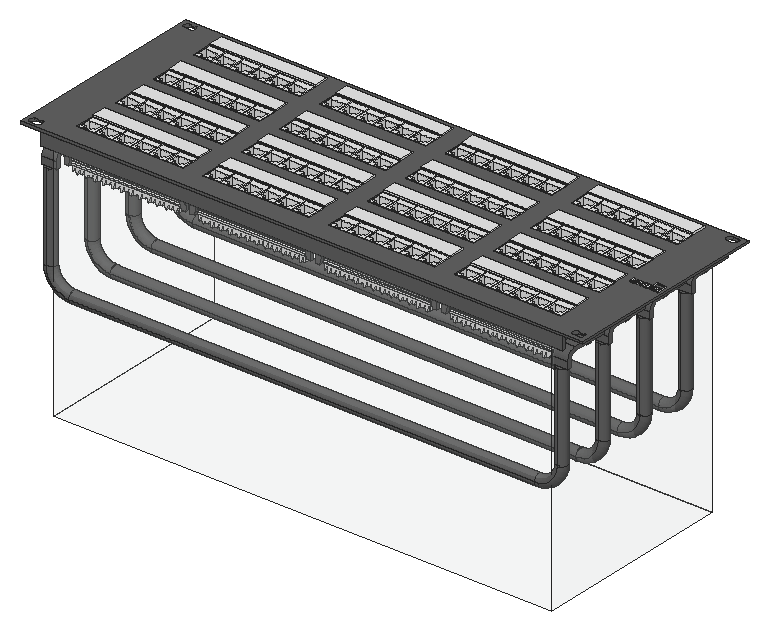
Revit family "Data_Device-Network-Leviton-Patch_Panel-Flat-110_Style", category Data Devices, host Face, Revit 2018
Family settings
  Host = Face
  Maintain Annotation Orientation = Yes
  Round Connector Dimension = Use Diameter
  Part Type = Normal
  OmniClass Number = 23.85.50.17
  OmniClass Title = Communication and Data Processing Equipment
  Cut with Voids When Loaded = No
  Shared = Yes
  Room Calculation Point = No
Parameters (values of type "*ERROR* See Type Catalog")
  z Offset 4 = if(z Leviton Type = 211, 1.60000", 0.00000")  # 0.00000"
  z Offset 2 = 0.42500"  # constant formula
  z Offset 1 = z Depth  # 0.07500"
  z Leviton Type = 244
  z Length = if(z Leviton Type = 211, 2.50000", 0.25000")  # 0.25000"
  z Height = if(z Has 96 Ports, 6.97500", if(z Has 48 Ports, 3.47000", if(or(z Has 12 Ports, z Has 24 Ports), 1.72000", 1.72000")))  # 6.97500"
  z Has ID Windows 48 Ports = or(z Leviton Type = 223, z Leviton Type = 225, z Leviton Type = 244)  # yes
  z Has ID Windows 24 Ports = or(z Leviton Type = 212, z Leviton Type = 223, z Leviton Type = 225, z Leviton Type = 244)  # yes
  z Has ID Windows 12 Ports = or(z Leviton Type = 211, z Leviton Type = 212, z Leviton Type = 223, z Leviton Type = 225, z Leviton Type = 244)  # yes
  z Has Magnifying Label 48 Ports = or(z Leviton Type = 123, z Leviton Type = 323)  # no
  z Has Magnifying Label 24 Ports = or(z Leviton Type = 112, z Leviton Type = 123, z Leviton Type = 312, z Leviton Type = 323)  # no
  z Connector Type = Data_Device-Network-Leviton-Connector-Copper-110_Style : CAT 6
  z Mangment Bar Height = if(z Leviton Type = 212, 2.65000", 4.25000")  # 4.25000"
  z Management Bar 3_4 [instance] = and(Management Bar, z Leviton Type = 244)  # yes
  z Management Bar 2 [instance] = and(Management Bar, not(or(z Leviton Type = 112, z Leviton Type = 211, z Leviton Type = 212, z Leviton Type = 312)))  # yes
  z Has 96 Ports = z Leviton Type = 244  # yes
  z Has 48 Ports = or(z Leviton Type = 123, z Leviton Type = 223, z Leviton Type = 225, z Leviton Type = 323, z Leviton Type = 244)  # yes
  z Has 24 Ports = or(z Leviton Type = 112, z Leviton Type = 212, z Leviton Type = 312, z Leviton Type = 123, z Leviton Type = 223, z Leviton Type = 225, z Leviton Type = 323, z Leviton Type = 244)  # yes
  z Has 12 Ports = or(z Leviton Type = 211, z Leviton Type = 311, z Leviton Type = 112, z Leviton Type = 212, z Leviton Type = 312, z Leviton Type = 123, z Leviton Type = 223, z Leviton Type = 225, z Leviton Type = 323, z Leviton Type = 244)  # yes
  z Depth = 0.07500"  # constant formula
  z 12 Port Numbers = z Length = 2.50000"  # no
  z Offset 3 = if(or(z Leviton Type = 112, z Leviton Type = 123), 1.25000", 0.50000")  # 0.50000"
  z 1 Y Offset 2 = if(z Leviton Type = 225, 0.50000", 1.50000")  # 1.50000"
  z 1 Y Offset 1 = if(z Leviton Type = 225, 1.35000", 0.16000")  # 0.16000"
  Z Lateral Support = or(z Leviton Type = 112, z Leviton Type = 123)  # no
  Width [instance] = 19.00000"  # constant formula
  Weight [instance] = 0.00 lbf
  URL = "http://www.leviton.com/networksolutions"
  UPC Code [instance] = ""
  Type Comments = ""  # constant formula
  Technical Support Phone Number = "1-800-824-3005"  # constant formula
  Shielded [instance] = z Leviton Type = 0  # no
  Serial Number [instance] = ""
  Rack Spaces RU = 4
  Product Documentation Link = "https://www.leviton.com/en/docs/Leviton_69586-xxx_Cat_6_Flat_110-Style_Patch_Panels.pdf"
  Port Count [instance] = 0
  Part Number [instance] = if(z Leviton Type = 112, "6A586-U24", if(z Leviton Type = 123, "6A586-U48", if(z Leviton Type = 211, "69586-U12", if(z Leviton Type = 212, "69586-U24", if(z Leviton Type = 223, "69586-U48", if(z Leviton Type = 225, "69586-C48", if(z Leviton Type = 244, "69586-U96", if(z Leviton Type = 312, "69586-L24", if(z Leviton Type = 323, "69586-L48", "Error")))))))))  # "69586-U96"
  Part Description = Description  # "Cat 6 UTP 110-Style Patch Panel, 96-Port, 4RU, black"
  Original Creation Date = "September 30, 2013"  # constant formula
  Model Disclaimer = "http://www.leviton.com/BIMterms"
  Model = " "
  Manufacturer = "Leviton"  # constant formula
  Management Bar [instance] = yes
  Has ID Windows = yes
  Family Version = "1.0.4"  # constant formula
  Equipment Type = ""
  Equipment Abbreviation = "110PP"  # constant formula
  Die Cast = z Leviton Type = 0  # no
  Description = "Cat 6 UTP 110-Style Patch Panel, 96-Port, 4RU, black"
  Default Elevation = 24.00000"
  Date Last Modified = "September 27, 2023"  # constant formula
  Copyright = "Copyright © 2013-2014 Leviton Manufacturing Co., Inc."  # constant formula
  Channel Count [instance] = 0
  Cable Clearance Rear is Visible [instance] = yes
  Cable Clearance [instance] = 8.50000"
  Assembly Code = "D5030600"
  Annotation Symbol is Visible = yes
  Annotation Symbol [instance] = Symbol : Data
Reference planes (in)
  plane 1 "Attach to Upper": y = 1.567
  plane 2 "Mounting Surface": z = 0
  plane 3 "Center (Left/Right)": x = -0.9065
  plane 4 "Front": z = 0.075
  plane 5 "Left": x = -10.4065
  plane 6 "Right": x = 8.5935
  plane 7 "Top": y = 1.305
  plane 8 "Recess": z = -0.0902
  plane 9 "Void Collector": z = -2
  plane 10 "Bottom": y = -5.67
  plane 11: y = -5.557
  plane 12: y = 0.942
  plane 13: y = 1.145
  plane 14: y = 1.812
  plane 15: y = -0.862
  plane 16: y = -0.195
  plane 17: x = -9.6565
  plane 18: x = 7.8435
  plane 19: x = -9.7183
  plane 20: x = 7.9053
  plane 21: x = -10.0615
  plane 22: x = 8.2485
  plane 23: z = -8.5
  plane 24: z = -0.425
  plane 25: y = -5.42592
  plane 26: y = 1.192
  plane 27: y = -5.29484
  plane 28: y = 1.067
  plane 29 "Connector Host": z = 0.075
  plane 30: y = 0.305
  plane 31: x = -1.0315
  plane 32: x = -0.7815
  plane 33: x = -9.5315
  plane 34: x = 7.7185
  plane 35 "Center (Front/Back)": y = -2.1825
  plane 36: y = -1.395
  plane 37: y = -2.99021
  plane 38: y = -4.62021
  plane 39: z = 0.325
  plane 40: y = -2.64021
  plane 41: y = -2.15021
  plane 42: y = -4.27021
  plane 43: y = -3.78021
  plane 44: y = 0.655
  plane 45: y = 1.145
  plane 46: y = 0.655
  plane 47: y = 1.145
  plane 48: y = -1.045
  plane 49: y = -0.555
  plane 50: x = -8.7815
  plane 51: x = -8.1815
  plane 52: x = -7.5815
  plane 53: x = -6.9815
  plane 54: x = -6.3815
  plane 55: x = -5.7815
  plane 56: x = -4.5315
  plane 57: x = -3.9315
  plane 58: x = -3.3315
  plane 59: x = -2.7315
  plane 60: x = -2.1315
  plane 61: x = -1.5315
  plane 62: x = 6.9685
  plane 63: x = 6.3685
  plane 64: x = 5.7685
  plane 65: x = 5.1685
  plane 66: x = 4.5685
  plane 67: x = 3.9685
  plane 68: x = 2.7185
  plane 69: x = 2.1185
  plane 70: x = 1.5185
  plane 71: x = 0.9185
  plane 72: x = 0.3185
  plane 73: x = -0.2815
  plane 74: x = -9.2815
  plane 75: x = 7.4685
  plane 76: x = -5.2815
  plane 77: x = -5.0315
  plane 78: x = 3.2185
  plane 79: x = 3.4685
  plane 80: z = -0.5
  plane 81 "Cable Management Bar 1": y = -5.47
  plane 82 "Cable Management Bar 2": y = -3.73
  plane 83 "Cable Management Bar 3": y = -1.99
  plane 84 "Cable Management Bar 4": y = -0.25
  plane 85: y = 0.305
  plane 86 "Rear Connection": z = -0.5651
  plane 87: y = 1.23
  plane 88: y = -5.595
  plane 89: x = -0.9315
  plane 90: x = -0.8815
  plane 91: x = 3.3185
  plane 92: x = 3.3685
  plane 93: x = 7.4185
  plane 94: x = -5.1315
  plane 95: x = -5.1815
  plane 96: x = -9.2315
  plane 97: y = -1.32521
  plane 98: y = -2.94521
  plane 99: y = -4.57521
Forms (in)
  Extrusion 1, solid, not visible, detail levels fine
    sketch origin (0, 0, 0) x (1, 0, 0) y (0, 1, 0)
      loop
        line (-11.1565, 1.5725) -> (-11.1565, -2.77319) -> (9.37374, -2.77319) -> (9.37374, 1.5725) -> (-11.1565, 1.5725)
    from 0 to -2
  Extrusion 2, void, detail levels medium+fine
    sketch origin (-18.83166, -182.13202, 0) x (0, -1, 0) y (-1, 0, 0)
      loop
        arc (-176.83718, -8.84416) -> (-176.7061, -8.97524) -> (-176.57502, -8.84416) r 0.13108
        line (-176.57502, -8.84416) -> (-176.57502, -8.69416)
        arc (-176.57502, -8.69416) -> (-176.7061, -8.56308) -> (-176.83718, -8.69416) r 0.13108
        line (-176.83718, -8.69416) -> (-176.83718, -8.84416)
      loop
        line (-176.82502, -27.00616) -> (-176.82502, -27.15616)
        arc (-176.82502, -27.15616) -> (-176.70002, -27.28116) -> (-176.57502, -27.15616) r 0.125
        line (-176.57502, -27.15616) -> (-176.57502, -27.00616)
        arc (-176.57502, -27.00616) -> (-176.70002, -26.88116) -> (-176.82502, -27.00616) r 0.125
    from 0.0902 to -0.6
  Extrusion 3, void, detail levels medium+fine
    sketch origin (-18.83166, -181.20301, 0) x (0, -1, 0) y (-1, 0, 0)
      loop
        arc (-182.39501, -8.84416) -> (-182.27001, -8.96916) -> (-182.14501, -8.84416) r 0.125
        line (-182.14501, -8.84416) -> (-182.14501, -8.69416)
        arc (-182.14501, -8.69416) -> (-182.27001, -8.56916) -> (-182.39501, -8.69416) r 0.125
        line (-182.39501, -8.69416) -> (-182.39501, -8.84416)
      loop
        line (-182.39501, -27.00616) -> (-182.39501, -27.15616)
        arc (-182.39501, -27.15616) -> (-182.27001, -27.28116) -> (-182.14501, -27.15616) r 0.125
        line (-182.14501, -27.15616) -> (-182.14501, -27.00616)
        arc (-182.14501, -27.00616) -> (-182.27001, -26.88116) -> (-182.39501, -27.00616) r 0.125
    from 0.0902 to -0.6
  Extrusion 4, solid, material "Steel - Leviton - Powdercoat - Black"
    sketch origin (0, 0, 0) x (1, 0, 0) y (0, 1, 0)
      loop
        line (-9.7183, 1.305) -> (-9.7183, 1.23) -> (7.9053, 1.23) -> (7.9053, 1.305) -> (-9.7183, 1.305)
    from 0 to -0.425
  Extrusion 5, solid, material "Steel - Leviton - Powdercoat - Black"
    sketch origin (0, -5.67, 0) x (-1, 0, 0) y (0, 0, 1)
      loop
        line (10.4065, 0.075) -> (-8.5935, 0.075) -> (-8.5935, 0) -> (10.4065, 0) -> (10.4065, 0.075)
    from 6.975 to 0
  Extrusion 6, solid, material "Clearance Areas", visible <- "Cable Clearance Rear is Visible"
    sketch origin (0, 0, 0) x (1, 0, 0) y (0, 1, 0)
      loop
        line (-9.31075, 1.172) -> (-9.31075, -5.612) -> (7.49825, -5.612) -> (7.49825, 1.172) -> (-9.31075, 1.172)
    from -0.425 to -8.5
  Extrusion 7, solid, material "Plastic - Leviton - Clear", visible <- "z Has Magnifying Label 24 Ports"
    sketch origin (-10.4065, 0.0625, 0) x (0, -1, 0) y (0, 0, 1)
      loop
        line (-1.15686, 0.19657) -> (-1.1675, 0.075) -> (-0.70755, 0.075) -> (-0.7182, 0.1967)
        arc (-0.7182, 0.1967) -> (-0.93756, 0.28732) -> (-1.15686, 0.19657) r 0.31057
    from -1.125 to -17.875
  Sweep 8, void
    path origin (0, -5.67, 0) x (-1, 0, 0) y (0, 0, 1)
      loop
        line (0.9065, 0.325) -> (0.9065, 0.075)
    profile origin (-0.9065, -5.67, 0.2) x (0, 1, 0) y (-1, 0, 0)
      loop
        line (6.975, 0.125) -> (0, 0.125) -> (0, -0.125) -> (6.975, -0.125) -> (6.975, 0.125)
      loop
        line (0, 4.375) -> (0, 4.125) -> (6.975, 4.125) -> (6.975, 4.375) -> (0, 4.375)
      loop
        line (0, -4.125) -> (0, -4.375) -> (6.975, -4.375) -> (6.975, -4.125) -> (0, -4.125)
  Extrusion 9, solid, material "Plastic - Leviton - White", visible <- "z Has 96 Ports"
    sketch origin (-11.95039, -180, 0.075) x (-1, 0, 0) y (0, -1, 0)
      loop
        line (-19.20639, -177.84979) -> (-15.63139, -177.84979) -> (-15.63139, -177.35979) -> (-19.20639, -177.35979) -> (-19.20639, -177.84979)
      loop
        line (-2.88139, -177.35979) -> (-6.45639, -177.35979) -> (-6.45639, -177.84979) -> (-2.88139, -177.84979) -> (-2.88139, -177.35979)
      loop
        line (-2.88139, -176.21979) -> (-2.88139, -175.72979) -> (-6.45639, -175.72979) -> (-6.45639, -176.21979) -> (-2.88139, -176.21979)
      loop
        line (-19.20639, -176.21979) -> (-15.63139, -176.21979) -> (-15.63139, -175.72979) -> (-19.20639, -175.72979) -> (-19.20639, -176.21979)
      loop
        line (-7.13139, -176.21979) -> (-7.13139, -175.72979) -> (-10.70639, -175.72979) -> (-10.70639, -176.21979) -> (-7.13139, -176.21979)
      loop
        line (-7.13139, -177.84979) -> (-7.13139, -177.35979) -> (-10.70639, -177.35979) -> (-10.70639, -177.84979) -> (-7.13139, -177.84979)
      loop
        line (-11.38139, -177.84979) -> (-11.38139, -177.35979) -> (-14.95639, -177.35979) -> (-14.95639, -177.84979) -> (-11.38139, -177.84979)
      loop
        line (-14.95639, -176.21979) -> (-11.38139, -176.21979) -> (-11.38139, -175.72979) -> (-14.95639, -175.72979) -> (-14.95639, -176.21979)
    from 0 to 0.035
  Extrusion 10, solid, material "Plastic - Leviton - White", visible <- "z Has ID Windows 12 Ports"
    sketch origin (0, 0, 0.075) x (-1, 0, 0) y (0, -1, 0)
      loop
        line (4.819, -1.145) -> (4.819, -0.655) -> (1.244, -0.655) -> (1.244, -1.145) -> (4.819, -1.145)
      loop
        line (0.569, -1.145) -> (0.569, -0.655) -> (-3.005, -0.655) -> (-3.005, -1.145) -> (0.569, -1.145)
    from 0 to 0.035
  Extrusion 11, solid, material "Plastic - Leviton - White", visible <- "z Has ID Windows 24 Ports"
    sketch origin (-11.95039, -173.5, 0.075) x (-1, 0, 0) y (0, -1, 0)
      loop
        line (-19.20639, -174.645) -> (-15.63139, -174.645) -> (-15.63139, -174.155) -> (-19.20639, -174.155) -> (-19.20639, -174.645)
      loop
        line (-2.88139, -174.155) -> (-6.45639, -174.155) -> (-6.45639, -174.645) -> (-2.88139, -174.645) -> (-2.88139, -174.155)
    from 0 to 0.035
  Extrusion 12, solid, material "Plastic - Leviton - White", visible <- "z Has ID Windows 48 Ports"
    sketch origin (-11.95039, -178.3, 0.075) x (-1, 0, 0) y (0, -1, 0)
      loop
        line (-19.20639, -177.745) -> (-15.63139, -177.745) -> (-15.63139, -177.255) -> (-19.20639, -177.255) -> (-19.20639, -177.745)
      loop
        line (-2.88139, -177.255) -> (-6.45639, -177.255) -> (-6.45639, -177.745) -> (-2.88139, -177.745) -> (-2.88139, -177.255)
      loop
        line (-7.13139, -177.745) -> (-7.13139, -177.255) -> (-10.70639, -177.255) -> (-10.70639, -177.745) -> (-7.13139, -177.745)
      loop
        line (-11.38139, -177.745) -> (-11.38139, -177.255) -> (-14.95639, -177.255) -> (-14.95639, -177.745) -> (-11.38139, -177.745)
    from 0 to 0.035
  Extrusion 13, solid, material "Plastic - Leviton - Clear", visible <- "z Has Magnifying Label 48 Ports"
    sketch origin (-10.4065, -1.6375, 0) x (0, -1, 0) y (0, 0, 1)
      loop
        line (-1.15686, 0.19657) -> (-1.1675, 0.075) -> (-0.70755, 0.075) -> (-0.7182, 0.1967)
        arc (-0.7182, 0.1967) -> (-0.93756, 0.28732) -> (-1.15686, 0.19657) r 0.31057
    from -1.125 to -17.875
  Extrusion 14, solid, material "Steel - Leviton - Powdercoat - Black", visible <- "Z Lateral Support"
    sketch origin (0, -0.25, 0) x (0, 0, 1) y (-1, 0, 0)
      loop
        line (-0.5, -7.6835) -> (-0.5, -7.7535) -> (-0.32, -7.7535) -> (-0.32, -7.9753) -> (0, -7.9753) -> (0, -7.9053) -> (-0.25, -7.9053) -> (-0.25, -7.6835) -> (-0.5, -7.6835)
      loop
        line (-0.5, 9.4965) -> (-0.25, 9.4965) -> (-0.25, 9.7183) -> (0, 9.7183) -> (0, 9.7883) -> (-0.32, 9.7883) -> (-0.32, 9.5665) -> (-0.5, 9.5665) -> (-0.5, 9.4965)
    from 5.42 to -1.555
  Extrusion 15, void
    sketch origin (0, 0, 0) x (1, 0, 0) y (0, 1, 0)
      loop
        line (-4.819, -0.0175) -> (-1.244, -0.0175) -> (-1.244, 0.6275) -> (-4.819, 0.6275) -> (-4.819, -0.0175)
      loop
        line (-0.569, -0.0175) -> (3.006, -0.0175) -> (3.006, 0.6275) -> (-0.569, 0.6275) -> (-0.569, -0.0175)
      loop
        line (-0.569, -1.7175) -> (3.006, -1.7175) -> (3.006, -1.0725) -> (-0.569, -1.0725) -> (-0.569, -1.7175)
      loop
        line (3.681, -1.7175) -> (7.256, -1.7175) -> (7.256, -1.0725) -> (3.681, -1.0725) -> (3.681, -1.7175)
      loop
        line (7.256, -3.31271) -> (7.256, -2.66771) -> (3.681, -2.66771) -> (3.681, -3.31271) -> (7.256, -3.31271)
      loop
        line (3.681, -4.94271) -> (7.256, -4.94271) -> (7.256, -4.29771) -> (3.681, -4.29771) -> (3.681, -4.94271)
      loop
        line (3.006, -4.94271) -> (3.006, -4.29771) -> (-0.569, -4.29771) -> (-0.569, -4.94271) -> (3.006, -4.94271)
      loop
        line (3.006, -3.31271) -> (3.006, -2.66771) -> (-0.569, -2.66771) -> (-0.569, -3.31271) -> (3.006, -3.31271)
      loop
        line (-1.244, -3.31271) -> (-1.244, -2.66771) -> (-4.819, -2.66771) -> (-4.819, -3.31271) -> (-1.244, -3.31271)
      loop
        line (-1.244, -4.94271) -> (-1.244, -4.29771) -> (-4.819, -4.29771) -> (-4.819, -4.94271) -> (-1.244, -4.94271)
      loop
        line (-1.244, -1.7175) -> (-1.244, -1.0725) -> (-1.819, -1.0725) -> (-2.419, -1.0725) -> (-3.019, -1.0725) -> (-3.619, -1.0725) -> (-4.219, -1.0725) -> (-4.819, -1.0725) -> (-4.819, -1.7175) -> (-1.244, -1.7175)
      loop
        line (-5.494, -1.7175) -> (-5.494, -1.0725) -> (-9.069, -1.0725) -> (-9.069, -1.7175) -> (-5.494, -1.7175)
      loop
        line (-9.069, -3.31271) -> (-5.494, -3.31271) -> (-5.494, -2.66771) -> (-9.069, -2.66771) -> (-9.069, -3.31271)
      loop
        line (-5.494, -4.94271) -> (-5.494, -4.29771) -> (-9.069, -4.29771) -> (-9.069, -4.94271) -> (-5.494, -4.94271)
      loop
        line (-9.069, -0.0175) -> (-5.494, -0.0175) -> (-5.494, 0.6275) -> (-9.069, 0.6275) -> (-9.069, -0.0175)
      loop
        line (3.681, -0.0175) -> (7.256, -0.0175) -> (7.256, 0.6275) -> (3.681, 0.6275) -> (3.681, -0.0175)
    from 0.075 to -2
  Extrusion 16, solid, material "Steel - Leviton - Powdercoat - Black"
    sketch origin (0, -6.9, 0) x (1, 0, 0) y (0, 1, 0)
      loop
        line (-9.7183, 1.305) -> (-9.7183, 1.23) -> (7.9053, 1.23) -> (7.9053, 1.305) -> (-9.7183, 1.305)
    from 0 to -0.425
Cuts and joins
  Extrusion 15 cuts Extrusion 4
  Extrusion 2, Extrusion 3, Extrusion 15 cuts Extrusion 5
  joined: Extrusion 4, Extrusion 5
  Sweep 8 cuts Extrusion 7
  Sweep 8 cuts Extrusion 13
Lines and regions (in)
  Masking region 1, detail levels coarse+medium
    outline origin (-10.4065, 0, 0) x (0, -1, 0) y (0, 0, 1)
      loop
        line (5.67, -0.425) -> (5.67, 0.075) -> (-1.305, 0.075) -> (-1.305, -0.425) -> (5.67, -0.425)
  Masking region 2
    outline origin (0, 2.5875, 0) x (-1, 0, 0) y (0, 0, 1)
      loop
        line (10.4065, 0) -> (10.4065, 0.075) -> (-8.5935, 0.075) -> (-8.5935, 0) -> (10.4065, 0)
  Masking region 3
    outline origin (0, 1.567, 0) x (1, 0, 0) y (0, 0, 1)
      loop
        line (8.5935, 0.075) -> (-10.4065, 0.075) -> (-10.4065, 0) -> (-9.7183, 0) -> (-9.7183, -0.425) -> (7.9053, -0.425) -> (7.9053, 0) -> (8.5935, 0) -> (8.5935, 0.075)
  symbolic lines
    curve 1: line (8.5935, -5.67, 0.075) -> (8.5935, 1.305, 0.075)
    curve 2: line (8.5935, -5.67, 0) -> (8.5935, -5.67, 0.075)
    curve 3: line (8.5935, 1.305, 0) -> (8.5935, -5.67, 0)
    curve 4: line (8.5935, 1.305, 0.075) -> (8.5935, 1.305, 0)
    curve 5: line (-10.4065, 1.305, 0) -> (-10.4065, -5.67, 0)
    curve 6: line (-10.4065, 1.305, -0.425) -> (-10.4065, 1.305, 0)
    curve 7: line (-10.4065, -5.67, -0.425) -> (-10.4065, 1.305, -0.425)
    curve 8: line (-10.4065, -5.67, 0) -> (-10.4065, -5.67, -0.425)
    curve 9: line (-10.4065, 2.5875, 0.075) -> (8.5935, 2.5875, 0.075)
    curve 10: line (-10.4065, 2.5875, 0) -> (-10.4065, 2.5875, 0.075)
    curve 11: line (8.5935, 2.5875, 0) -> (-10.4065, 2.5875, 0)
    curve 12: line (8.5935, 2.5875, 0.075) -> (8.5935, 2.5875, 0)
    curve 13: line (8.5935, 1.305, 0.075) -> (-10.4065, 1.305, 0.075)
    curve 14: line (8.5935, 1.305, 0) -> (8.5935, 1.305, 0.075)
    curve 15: line (-10.4065, 1.305, 0) -> (8.5935, 1.305, 0)
    curve 16: line (-10.4065, 1.305, 0.075) -> (-10.4065, 1.305, 0)
    curve 18: line (-9.7183, 1.305, -0.425) -> (7.9053, 1.305, -0.425)
    curve 19: line (-9.7183, 1.305, 0) -> (-9.7183, 1.305, -0.425)
    curve 20: line (7.9053, 1.305, -0.425) -> (7.9053, 1.305, 0)
    curve 21: line (-9.7183, -5.67, 0) -> (-9.7183, -5.67, -0.425)
    curve 22: line (-9.7183, -5.67, -0.425) -> (7.9053, -5.67, -0.425)
    curve 23: line (7.9053, -5.67, -0.425) -> (7.9053, -5.67, 0)
  reference lines
    curve 17: line (-0.9065, 1.305, 0) -> (-0.9065, -5.67, 0)
Dimensions and locks (in)
  "z Depth": plane 4 "Front" to plane 2 "Mounting Surface"
  equal spacing: plane 5 "Left", plane 3 "Center (Left/Right)", plane 6 "Right"
  locked: level to plane 9 "Void Collector" at 2
  "z Height": plane 10 "Bottom" to plane 7 "Top"
  "Width": plane 5 "Left" to plane 6 "Right"
  Extrusion 2 sketch curve to Extrusion 2 sketch curve = 0.26216"
  Extrusion 2 sketch curve to Extrusion 2 sketch curve = 0.25000"
  Extrusion 3 sketch curve to Extrusion 3 sketch curve = 0.25000"  (x2)
  locked: plane 12 to plane 7 "Top" at 0.363
  locked: plane 11 to plane 10 "Bottom" at 0.113
  "z 1 Y Offset 1": plane 13 to plane 7 "Top"
  plane 14 to plane 13 = 0.66700"
  plane 16 to plane 15 = 0.66700"
  "z 1 Y Offset 2": plane 16 to plane 7 "Top"
  equal spacing: plane 18, plane 3 "Center (Left/Right)", plane 17
  locked: plane 18 to plane 17 at 17.5
  plane 2 "Mounting Surface" to plane 9 "Void Collector" = 2.00000"
  equal spacing: plane 20, plane 3 "Center (Left/Right)", plane 19
  locked: plane 20 to plane 19 at 17.6236
  plane 7 "Top" to Extrusion 6 = 0.13300"
  Extrusion 6 to plane 10 "Bottom" = 0.05800"
  equal spacing: plane 21, plane 3 "Center (Left/Right)", plane 22
  locked: plane 21 to plane 22 at 18.31
  "Cable Clearance": plane 2 "Mounting Surface" to plane 23
  locked: plane 26 to plane 12 at 0.25
  locked: plane 27 to plane 11 at 0.26216
  equal spacing: plane 27, plane 25, plane 11
  equal spacing: plane 26, plane 28, plane 12
  "z Offset 1": plane 29 "Connector Host" to plane 2 "Mounting Surface"
  "z Offset 2": plane 2 "Mounting Surface" to plane 24
  equal spacing: plane 31, plane 3 "Center (Left/Right)", plane 32
  "z Length": plane 31 to plane 32
  locked: plane 1 "Attach to Upper" to plane 28 at 0.5
  equal spacing: plane 34, plane 3 "Center (Left/Right)", plane 33
  locked: plane 34 to plane 33 at 17.25
  plane 30 to Extrusion 7 sketch curve to Extrusion 7 sketch curve to Extrusion 7 sketch curve = 0.46506" locked, 0.22991" locked, 0.23003" locked
  equal spacing: plane 7 "Top", plane 35 "Center (Front/Back)", plane 10 "Bottom"
  plane 7 "Top" to plane 30 to plane 36 to plane 37 to plane 38 = 1.00000" locked, 1.70000" locked, 1.59520" locked, 1.63000" locked
  locked: plane 39 to plane 29 "Connector Host" at 0.25
  locked: plane 41 to plane 40 at 0.49
  locked: plane 43 to plane 42 at 0.49
  locked: plane 45 to plane 44 at 0.49
  "z 1 Y Offset 1": plane 45 to plane 7 "Top"
  locked: plane 47 to plane 46 at 0.49
  "z 1 Y Offset 1": plane 47 to plane 7 "Top"
  locked: plane 49 to plane 48 at 0.49
  "z 1 Y Offset 2": plane 7 "Top" to nested 100
  locked: plane 36 to nested 98 at 0.5
  locked: plane 37 to nested 101 at 0.5
  locked: plane 38 to nested 102 at 0.5
  locked: plane 37 to plane 41 at 0.84
  locked: plane 43 to plane 38 at 0.84
  locked: plane 36 to plane 49 at 0.84
  equal spacing: plane 56, plane 57, plane 58, plane 59, plane 60, plane 61
  locked: plane 56 to plane 61 at 3
  locked: plane 55 to plane 56 at 1.25
  equal spacing: plane 50, plane 51, plane 52, plane 53, plane 54, plane 55
  locked: plane 50 to plane 55 at 3
  plane 61 to plane 31 = 0.50000"
  equal spacing: plane 68, plane 69, plane 70, plane 71, plane 72, plane 73
  locked: plane 68 to plane 73 at 3
  plane 67 to plane 68 = 1.25000"
  equal spacing: plane 62, plane 63, plane 64, plane 65, plane 66, plane 67
  locked: plane 62 to plane 67 at 3
  plane 32 to plane 73 = 0.50000"
  locked: plane 30 to nested 103 at 0.5
  plane 30 to nested 100 = 0.50000"
  locked: plane 74 to plane 50 at 0.5
  locked: plane 62 to plane 75 at 0.5
  locked: plane 55 to plane 76 at 0.5
  locked: plane 77 to plane 56 at 0.5
  locked: plane 68 to plane 78 at 0.5
  locked: plane 79 to plane 67 at 0.5
  plane 36 to Extrusion 13 sketch curve to Extrusion 13 sketch curve to Extrusion 13 sketch curve = 0.46506" locked, 0.22991" locked, 0.23003" locked
  plane 84 "Cable Management Bar 4" to plane 83 "Cable Management Bar 3" to plane 82 "Cable Management Bar 2" to plane 81 "Cable Management Bar 1" = 1.74000" locked, 1.74000" locked, 1.74000" locked
  locked: plane 81 "Cable Management Bar 1" to plane 10 "Bottom" at 0.2
  locked: Extrusion 14 sketch curve to Extrusion 14 sketch curve at 0.07  (x5)
  equal spacing: Extrusion 14 sketch curve, plane 34, Extrusion 14 sketch curve
  locked: Extrusion 14 sketch curve to plane 80 at 0.25  (x2)
  Extrusion 14 sketch curve to Extrusion 14 sketch curve = 0.07000"
  equal spacing: Extrusion 14 sketch curve, plane 33, Extrusion 14 sketch curve
  "z Offset 3": plane 2 "Mounting Surface" to plane 80
  equal spacing: Extrusion 15 sketch curve, plane 85, Extrusion 15 sketch curve
  locked: Extrusion 15 sketch curve to Extrusion 15 sketch curve at 0.645  (x5)
  "z Offset 4": plane 85 to plane 30
  locked: Extrusion 15 sketch curve to plane 36 at 0.3225
  locked: Extrusion 15 sketch curve to plane 37 at 0.3225
  locked: Extrusion 15 sketch curve to plane 30 at 0.3225
  locked: Extrusion 15 sketch curve to plane 38 at 0.3225
  locked: plane 86 "Rear Connection" to plane 2 "Mounting Surface" at 0.5651
  locked: plane 7 "Top" to plane 87 at 0.075
  locked: plane 88 to plane 10 "Bottom" at 0.075
  locked: plane 93 to plane 62 at 0.45
  locked: plane 67 to plane 92 at 0.6
  locked: plane 91 to plane 68 at 0.6
  locked: plane 73 to plane 90 at 0.6
  locked: plane 61 to plane 89 at 0.6
  locked: plane 94 to plane 56 at 0.6
  locked: plane 55 to plane 95 at 0.6
  locked: plane 96 to plane 50 at 0.45
  locked: plane 97 to plane 36 at 0.0698
  locked: plane 98 to plane 37 at 0.045
  locked: plane 99 to plane 38 at 0.045
  aligned and locked: plane 2 "Mounting Surface" to Extrusion 1
  aligned and locked: Extrusion 1 to level
  aligned and locked: level to curve 3
  aligned and locked: curve 11 to level
  aligned and locked: plane 6 "Right" to curve 12
  aligned and locked: curve 10 to plane 5 "Left"
  aligned and locked: Masking region 3 sketch curve to level
  aligned and locked: plane 6 "Right" to Masking region 3 sketch curve
  aligned and locked: Masking region 3 sketch curve to plane 5 "Left"
  aligned and locked: curve 15 to level
  aligned and locked: plane 6 "Right" to curve 14
  aligned and locked: curve 16 to plane 5 "Left"
  aligned and locked: curve 1 to plane 4 "Front"
  aligned and locked: plane 4 "Front" to curve 13
  aligned and locked: curve 9 to plane 4 "Front"
  aligned and locked: plane 4 "Front" to Masking region 3 sketch curve
  aligned and locked: plane 12 to Extrusion 3
  aligned and locked: Extrusion 3 to plane 12
  aligned and locked: Extrusion 4 to plane 7 "Top"
  aligned and locked: Extrusion 5 sketch curve to plane 5 "Left"
  aligned and locked: plane 6 "Right" to Extrusion 5 sketch curve
  aligned and locked: plane 2 "Mounting Surface" to Extrusion 5 sketch curve
  aligned and locked: Extrusion 5 sketch curve to plane 4 "Front"
  aligned and locked: curve 17 to plane 3 "Center (Left/Right)"
  aligned and locked: Extrusion 4 to plane 19
  aligned and locked: plane 20 to Extrusion 4
  aligned and locked: Extrusion 2 to plane 8 "Recess"
  aligned and locked: Extrusion 3 to plane 8 "Recess"
  aligned and locked: Extrusion 6 to Extrusion 4
  aligned and locked: cut or joined group of Extrusion 2, Extrusion 3, Extrusion 4, Extrusion 5, Extrusion 15 to Masking region 3 sketch curve
  aligned and locked: Masking region 3 sketch curve to plane 19
  aligned and locked: plane 20 to Masking region 3 sketch curve
  aligned and locked: curve 19 to plane 19
  aligned and locked: plane 20 to curve 20
  aligned and locked: curve 21 to curve 19
  aligned and locked: curve 22 to curve 18
  aligned and locked: curve 23 to curve 20
  aligned and locked: plane 7 "Top" to curve 6
  aligned and locked: curve 4 to plane 7 "Top"
  aligned and locked: plane 10 "Bottom" to curve 8
  aligned and locked: curve 2 to plane 10 "Bottom"
  aligned and locked: Masking region 1 to plane 10 "Bottom"
  aligned and locked: cut or joined group of Extrusion 2, Extrusion 3, Extrusion 4, Extrusion 5, Extrusion 15 to curve 5
  aligned and locked: plane 23 to Extrusion 6
  aligned and locked: Masking region 1 sketch curve to plane 24
  aligned and locked: cut or joined group of Extrusion 2, Extrusion 3, Extrusion 4, Extrusion 5, Extrusion 15 to plane 24
  aligned and locked: Extrusion 7 sketch curve to plane 29 "Connector Host"
  aligned and locked: plane 30 to nested 2
  aligned and locked: nested 3 to plane 30
  aligned and locked: nested 4 to plane 30
  aligned and locked: nested 5 to plane 30
  aligned and locked: nested 6 to plane 30
  aligned and locked: nested 7 to plane 30
  aligned and locked: nested 14 to plane 30
  aligned and locked: nested 15 to plane 30
  aligned and locked: nested 16 to plane 30
  aligned and locked: nested 17 to plane 30
  aligned and locked: nested 18 to plane 30
  aligned and locked: nested 19 to plane 30
  aligned and locked: nested 20 to plane 30
  aligned and locked: nested 21 to plane 30
  aligned and locked: nested 22 to plane 30
  aligned and locked: nested 23 to plane 30
  aligned and locked: nested 24 to plane 30
  aligned and locked: nested 25 to plane 30
  aligned and locked: nested 8 to plane 30
  aligned and locked: nested 9 to plane 30
  aligned and locked: nested 10 to plane 30
  aligned and locked: nested 11 to plane 30
  aligned and locked: nested 12 to plane 30
  aligned and locked: nested 13 to plane 30
  aligned and locked: nested 26 to plane 36
  aligned and locked: nested 27 to plane 36
  aligned and locked: nested 28 to plane 36
  aligned and locked: nested 29 to plane 36
  aligned and locked: nested 30 to plane 36
  aligned and locked: nested 31 to plane 36
  aligned and locked: nested 32 to plane 36
  aligned and locked: nested 33 to plane 36
  aligned and locked: nested 34 to plane 36
  aligned and locked: nested 35 to plane 36
  aligned and locked: nested 36 to plane 36
  aligned and locked: nested 37 to plane 36
  aligned and locked: nested 38 to plane 36
  aligned and locked: nested 49 to plane 36
  aligned and locked: nested 39 to plane 36
  aligned and locked: nested 40 to plane 36
  aligned and locked: nested 41 to plane 36
  aligned and locked: nested 42 to plane 36
  aligned and locked: nested 43 to plane 36
  aligned and locked: nested 44 to plane 36
  aligned and locked: nested 45 to plane 36
  aligned and locked: nested 46 to plane 36
  aligned and locked: nested 47 to plane 36
  aligned and locked: nested 48 to plane 36
  aligned and locked: nested 74 to plane 38
  aligned and locked: nested 75 to plane 38
  aligned and locked: nested 76 to plane 38
  aligned and locked: nested 77 to plane 38
  aligned and locked: nested 78 to plane 38
  aligned and locked: nested 79 to plane 38
  aligned and locked: nested 80 to plane 38
  aligned and locked: nested 81 to plane 38
  aligned and locked: nested 82 to plane 38
  aligned and locked: nested 83 to plane 38
  aligned and locked: nested 84 to plane 38
  aligned and locked: nested 85 to plane 38
  aligned and locked: nested 86 to plane 38
  aligned and locked: nested 87 to plane 38
  aligned and locked: nested 88 to plane 38
  aligned and locked: nested 89 to plane 38
  aligned and locked: nested 90 to plane 38
  aligned and locked: nested 91 to plane 38
  aligned and locked: nested 92 to plane 38
  aligned and locked: nested 93 to plane 38
  aligned and locked: nested 94 to plane 38
  aligned and locked: nested 95 to plane 38
  aligned and locked: nested 96 to plane 38
  aligned and locked: nested 97 to plane 38
  aligned and locked: plane 35 "Center (Front/Back)" to nested 99
  aligned and locked: nested 50 to plane 37
  aligned and locked: nested 51 to plane 37
  aligned and locked: nested 52 to plane 37
  aligned and locked: nested 54 to plane 37
  aligned and locked: nested 55 to plane 37
  aligned and locked: nested 56 to plane 37
  aligned and locked: nested 57 to plane 37
  aligned and locked: nested 58 to plane 37
  aligned and locked: nested 59 to plane 37
  aligned and locked: nested 60 to plane 37
  aligned and locked: nested 61 to plane 37
  aligned and locked: nested 62 to plane 37
  aligned and locked: nested 63 to plane 37
  aligned and locked: nested 64 to plane 37
  aligned and locked: nested 65 to plane 37
  aligned and locked: nested 66 to plane 37
  aligned and locked: nested 67 to plane 37
  aligned and locked: nested 68 to plane 37
  aligned and locked: nested 69 to plane 37
  aligned and locked: nested 70 to plane 37
  aligned and locked: nested 71 to plane 37
  aligned and locked: nested 72 to plane 37
  aligned and locked: nested 73 to plane 37
  aligned and locked: nested 53 to plane 37
  aligned and locked: plane 3 "Center (Left/Right)" to Sweep 8 sketch curve
  aligned and locked: plane 29 "Connector Host" to Sweep 8 sketch curve
  aligned and locked: plane 39 to Sweep 8 sketch curve
  aligned and locked: plane 31 to Sweep 8 sketch curve
  aligned and locked: plane 32 to Sweep 8 sketch curve
  aligned and locked: plane 10 "Bottom" to Sweep 8 sketch curve  (x3)
  aligned and locked: plane 7 "Top" to Sweep 8 sketch curve  (x3)
  aligned and locked: Extrusion 9 sketch curve to plane 41  (x4)
  aligned and locked: Extrusion 9 sketch curve to plane 40  (x4)
  aligned and locked: Extrusion 9 sketch curve to plane 43  (x4)
  aligned and locked: Extrusion 9 sketch curve to plane 42  (x4)
  aligned and locked: Extrusion 10 sketch curve to plane 44  (x2)
  aligned and locked: Extrusion 10 sketch curve to plane 45  (x2)
  aligned and locked: Extrusion 11 sketch curve to plane 47  (x2)
  aligned and locked: Extrusion 11 sketch curve to plane 46  (x2)
  aligned and locked: Extrusion 12 sketch curve to plane 49  (x4)
  aligned and locked: Extrusion 12 sketch curve to plane 48  (x4)
  aligned and locked: plane 3 "Center (Left/Right)" to nested 101
  aligned and locked: plane 3 "Center (Left/Right)" to nested 102
  aligned and locked: nested 74 to plane 50
  aligned and locked: nested 26 to plane 50
  aligned and locked: nested 50 to plane 50
  aligned and locked: nested 3 to plane 51
  aligned and locked: nested 27 to plane 51
  aligned and locked: nested 51 to plane 51
  aligned and locked: nested 75 to plane 51
  aligned and locked: nested 28 to plane 52
  aligned and locked: nested 52 to plane 52
  aligned and locked: nested 76 to plane 52
  aligned and locked: nested 4 to plane 52
  aligned and locked: nested 5 to plane 53
  aligned and locked: nested 29 to plane 53
  aligned and locked: nested 53 to plane 53
  aligned and locked: nested 77 to plane 53
  aligned and locked: nested 6 to plane 54
  aligned and locked: nested 30 to plane 54
  aligned and locked: nested 54 to plane 54
  aligned and locked: nested 78 to plane 54
  aligned and locked: nested 79 to plane 55
  aligned and locked: nested 55 to plane 55
  aligned and locked: nested 31 to plane 55
  aligned and locked: nested 7 to plane 55
  aligned and locked: nested 14 to plane 56
  aligned and locked: nested 32 to plane 56
  aligned and locked: nested 56 to plane 56
  aligned and locked: nested 80 to plane 56
  aligned and locked: nested 33 to plane 57
  aligned and locked: nested 15 to plane 57
  aligned and locked: nested 57 to plane 57
  aligned and locked: nested 81 to plane 57
  aligned and locked: nested 82 to plane 58
  aligned and locked: nested 58 to plane 58
  aligned and locked: nested 34 to plane 58
  aligned and locked: nested 16 to plane 58
  aligned and locked: nested 17 to plane 59
  aligned and locked: nested 35 to plane 59
  aligned and locked: nested 59 to plane 59
  aligned and locked: nested 83 to plane 59
  aligned and locked: nested 84 to plane 60
  aligned and locked: nested 60 to plane 60
  aligned and locked: nested 36 to plane 60
  aligned and locked: nested 18 to plane 60
  aligned and locked: nested 37 to plane 61
  aligned and locked: nested 61 to plane 61
  aligned and locked: nested 85 to plane 61
  aligned and locked: plane 73 to nested 38
  aligned and locked: plane 73 to nested 62
  aligned and locked: plane 73 to nested 86
  aligned and locked: plane 72 to nested 87
  aligned and locked: plane 72 to nested 63
  aligned and locked: plane 72 to nested 49
  aligned and locked: plane 72 to nested 21
  aligned and locked: plane 71 to nested 22
  aligned and locked: plane 71 to nested 39
  aligned and locked: plane 71 to nested 64
  aligned and locked: plane 71 to nested 88
  aligned and locked: plane 70 to nested 89
  aligned and locked: plane 70 to nested 65
  aligned and locked: plane 70 to nested 40
  aligned and locked: plane 70 to nested 23
  aligned and locked: plane 69 to nested 24
  aligned and locked: plane 69 to nested 41
  aligned and locked: plane 69 to nested 66
  aligned and locked: plane 69 to nested 90
  aligned and locked: plane 68 to nested 91
  aligned and locked: plane 68 to nested 67
  aligned and locked: plane 68 to nested 42
  aligned and locked: plane 68 to nested 25
  aligned and locked: plane 67 to nested 8
  aligned and locked: plane 67 to nested 43
  aligned and locked: plane 67 to nested 68
  aligned and locked: plane 67 to nested 92
  aligned and locked: plane 66 to nested 93
  aligned and locked: plane 66 to nested 69
  aligned and locked: plane 66 to nested 44
  aligned and locked: plane 66 to nested 9
  aligned and locked: plane 65 to nested 10
  aligned and locked: plane 65 to nested 45
  aligned and locked: plane 65 to nested 70
  aligned and locked: plane 65 to nested 94
  aligned and locked: plane 64 to nested 11
  aligned and locked: plane 64 to nested 46
  aligned and locked: plane 64 to nested 71
  aligned and locked: plane 64 to nested 95
  aligned and locked: plane 63 to nested 96
  aligned and locked: plane 63 to nested 72
  aligned and locked: plane 63 to nested 47
  aligned and locked: plane 63 to nested 12
  aligned and locked: plane 62 to nested 48
  aligned and locked: plane 62 to nested 73
  aligned and locked: plane 62 to nested 97
  aligned and locked: plane 3 "Center (Left/Right)" to nested 103
  aligned and locked: plane 75 to cut or joined group of Extrusion 7, Sweep 8
  aligned and locked: plane 74 to cut or joined group of Extrusion 7, Sweep 8
  aligned and locked: Sweep 8 sketch curve to plane 78
  aligned and locked: Sweep 8 sketch curve to plane 79
  aligned and locked: Sweep 8 sketch curve to plane 76
  aligned and locked: Sweep 8 sketch curve to plane 77
  aligned and locked: Extrusion 12 to nested 25
  aligned and locked: Extrusion 9 to nested 25
  aligned and locked: plane 75 to Extrusion 13
  aligned and locked: plane 74 to Extrusion 13
  aligned and locked: plane 80 to nested 104
  aligned and locked: plane 80 to nested 105
  aligned and locked: plane 80 to nested 106
  aligned and locked: plane 80 to nested 107
  aligned and locked: plane 3 "Center (Left/Right)" to nested 107
  aligned and locked: plane 3 "Center (Left/Right)" to nested 106
  aligned and locked: plane 3 "Center (Left/Right)" to nested 105
  aligned and locked: plane 3 "Center (Left/Right)" to nested 104
  aligned and locked: Extrusion 14 sketch curve to plane 80
  aligned and locked: Extrusion 14 sketch curve to plane 2 "Mounting Surface"
  aligned and locked: plane 2 "Mounting Surface" to Extrusion 14 sketch curve
  aligned and locked: plane 80 to Extrusion 14 sketch curve
  aligned and locked: Extrusion 14 to plane 7 "Top"
  aligned and locked: Extrusion 14 to plane 10 "Bottom"
  aligned and locked: plane 73 to nested 20
  aligned and locked: nested 19 to plane 61
  aligned and locked: nested 2 to plane 50
  aligned and locked: plane 62 to nested 13
  aligned and locked: plane 19 to Extrusion 14 sketch curve
  aligned and locked: plane 20 to Extrusion 14 sketch curve
  aligned and locked: Extrusion 15 to plane 9 "Void Collector"
  aligned and locked: Extrusion 15 sketch curve to Extrusion 15 sketch curve  (x27)
  aligned and locked: cut or joined group of Extrusion 2, Extrusion 3, Extrusion 4, Extrusion 5, Extrusion 15 to plane 10 "Bottom"
  aligned and locked: cut or joined group of Extrusion 2, Extrusion 3, Extrusion 4, Extrusion 5, Extrusion 15 to plane 7 "Top"
  aligned and locked: plane 87 to Extrusion 4
  aligned and locked: Extrusion 16 to plane 10 "Bottom"
  aligned and locked: Extrusion 16 to plane 88
  aligned and locked: plane 2 "Mounting Surface" to nested 111
  aligned and locked: plane 2 "Mounting Surface" to nested 110
  aligned and locked: plane 2 "Mounting Surface" to nested 109
  aligned and locked: plane 2 "Mounting Surface" to nested 108
  aligned and locked: nested 111 to plane 95
  aligned and locked: plane 94 to nested 115
  aligned and locked: nested 110 to plane 95
  aligned and locked: nested 109 to plane 95
  aligned and locked: nested 108 to plane 95
  aligned and locked: nested 114 to plane 94
  aligned and locked: nested 113 to plane 94
  aligned and locked: nested 112 to plane 94
  aligned and locked: plane 90 to nested 119
  aligned and locked: plane 90 to nested 118
  aligned and locked: plane 90 to nested 117
  aligned and locked: plane 90 to nested 116
  aligned and locked: plane 92 to nested 123
  aligned and locked: plane 92 to nested 122
  aligned and locked: plane 92 to nested 121
  aligned and locked: plane 92 to nested 120
  aligned and locked: nested 108 to plane 30
  aligned and locked: nested 109 to plane 97
  aligned and locked: nested 110 to plane 98
  aligned and locked: nested 111 to plane 99
  aligned and locked: nested 115 to plane 99
  aligned and locked: nested 119 to plane 99
  aligned and locked: nested 123 to plane 99
  aligned and locked: nested 114 to plane 98
  aligned and locked: nested 118 to plane 98
  aligned and locked: nested 122 to plane 98
  aligned and locked: nested 113 to plane 97
  aligned and locked: nested 117 to plane 97
  aligned and locked: nested 121 to plane 97
  aligned and locked: nested 112 to plane 30
  aligned and locked: nested 116 to plane 30
  aligned and locked: nested 120 to plane 30
Automatic sketch dimensions
  Extrusion 1 sketch curve to Extrusion 1 sketch curve = 20.53024"
  Extrusion 1 sketch curve to Extrusion 1 sketch curve = 4.34569"
  curve 17 to plane 10 "Bottom" = 0.00000"
  plane 7 "Top" to curve 17 = 0.00000"
  Masking region 2 sketch curve to level = 0.00000"
  plane 6 "Right" to Masking region 2 sketch curve = 0.00000"
  Masking region 2 sketch curve to plane 4 "Front" = 0.00000"
  plane 5 "Left" to Masking region 2 sketch curve = 0.00000"
  Extrusion 13 sketch curve to plane 4 "Front" = 0.00000"
  Extrusion 13 sketch curve to Extrusion 13 sketch curve = 0.01063"
  plane 4 "Front" to Extrusion 13 sketch curve = 0.12170"
  Extrusion 13 sketch curve to Extrusion 13 sketch curve = 0.01065"
  Extrusion 13 sketch curve to level = 0.02325"
  plane 33 to Extrusion 14 sketch curve = 0.03500"
  Masking region 1 sketch curve to plane 7 "Top" = 0.00000"
  Masking region 1 sketch curve to plane 4 "Front" = 0.00000"
  Masking region 1 sketch curve to plane 10 "Bottom" = 0.00000"
  curve 7 to plane 24 = 0.00000"
  Masking region 3 sketch curve to plane 24 = 0.00000"
  Extrusion 2 sketch curve to plane 27 = 0.00000"
  Extrusion 2 sketch curve to plane 11 = 0.00000"
  Extrusion 2 sketch curve to plane 21 = 0.07600"
  plane 21 to Extrusion 2 sketch curve = 0.07400"
  Extrusion 2 sketch curve to plane 22 = 0.07400"
  plane 22 to Extrusion 2 sketch curve = 0.07600"
  Extrusion 3 sketch curve to plane 26 = 0.00000"  (x2)
  Extrusion 3 sketch curve to plane 21 = 0.07600"
  plane 21 to Extrusion 3 sketch curve = 0.07400"
  Extrusion 3 sketch curve to plane 22 = 0.07400"
  plane 22 to Extrusion 3 sketch curve = 0.07600"
  Extrusion 4 sketch curve to plane 19 = 0.00000"
  Extrusion 4 sketch curve to plane 20 = 0.00000"
  plane 87 to Extrusion 4 sketch curve = 0.00000"
  plane 7 "Top" to Extrusion 4 sketch curve = 0.00000"
  Extrusion 6 sketch curve to plane 5 "Left" = 1.09575"
  Extrusion 6 sketch curve to plane 6 "Right" = 1.09525"
  Extrusion 6 sketch curve to plane 10 "Bottom" = 0.05800"
  Extrusion 6 sketch curve to plane 7 "Top" = 0.13300"
  curve 23 to level = 0.00000"
  curve 21 to level = 0.00000"
  curve 18 to plane 24 = 0.00000"
  plane 87 to Extrusion 7 sketch curve = 0.01063"
  plane 4 "Front" to Extrusion 7 sketch curve = 0.12170"
  Extrusion 7 sketch curve to Extrusion 7 sketch curve = 0.01065"
  Extrusion 7 sketch curve to level = 0.02325"
  Extrusion 9 sketch curve to plane 93 = 0.16250"  (x2)
  plane 79 to Extrusion 9 sketch curve = 0.21250"  (x2)
  Extrusion 9 sketch curve to plane 78 = 0.21250"  (x2)
  plane 32 to Extrusion 9 sketch curve = 0.21250"  (x2)
  Extrusion 9 sketch curve to plane 31 = 0.21250"  (x2)
  Extrusion 9 sketch curve to plane 77 = 0.21250"  (x2)
  plane 76 to Extrusion 9 sketch curve = 0.21250"  (x2)
  Extrusion 9 sketch curve to plane 96 = 0.16250"  (x2)
  Extrusion 10 sketch curve to plane 78 = 0.21350"
  plane 32 to Extrusion 10 sketch curve = 0.21250"
  Extrusion 10 sketch curve to plane 31 = 0.21250"
  Extrusion 10 sketch curve to plane 77 = 0.21250"
  Extrusion 11 sketch curve to plane 93 = 0.16250"
  plane 79 to Extrusion 11 sketch curve = 0.21250"
  plane 76 to Extrusion 11 sketch curve = 0.21250"
  Extrusion 11 sketch curve to plane 96 = 0.16250"
  Extrusion 12 sketch curve to plane 93 = 0.16250"
  plane 79 to Extrusion 12 sketch curve = 0.21250"
  Extrusion 12 sketch curve to plane 78 = 0.21250"
  plane 32 to Extrusion 12 sketch curve = 0.21250"
  Extrusion 12 sketch curve to plane 31 = 0.21250"
  Extrusion 12 sketch curve to plane 77 = 0.21250"
  plane 76 to Extrusion 12 sketch curve = 0.21250"
  Extrusion 12 sketch curve to plane 96 = 0.16250"
  Extrusion 15 sketch curve to plane 96 = 0.16250"  (x4)
  plane 76 to Extrusion 15 sketch curve = 0.21250"  (x4)
  Extrusion 15 sketch curve to plane 77 = 0.21250"  (x4)
  plane 57 to Extrusion 15 sketch curve = 0.28750"
  plane 58 to Extrusion 15 sketch curve = 0.28750"
  plane 59 to Extrusion 15 sketch curve = 0.28750"
  plane 60 to Extrusion 15 sketch curve = 0.28750"
  plane 61 to Extrusion 15 sketch curve = 0.28750"
  Extrusion 15 sketch curve to plane 31 = 0.21250"  (x4)
  plane 32 to Extrusion 15 sketch curve = 0.21250"  (x4)
  Extrusion 15 sketch curve to plane 78 = 0.21250"  (x4)
  plane 79 to Extrusion 15 sketch curve = 0.21250"  (x4)
  Extrusion 15 sketch curve to plane 93 = 0.16250"  (x4)
  Extrusion 16 sketch curve to plane 10 "Bottom" = 0.00000"
  Extrusion 16 sketch curve to plane 19 = 0.00000"
  Extrusion 16 sketch curve to plane 20 = 0.00000"
  plane 88 to Extrusion 16 sketch curve = 0.00000"
Nested families (in)
  nested 1: "Symbol" at (-0.9065, 0.35649, 0), type <- "Annotation Symbol", visible <- "Annotation Symbol is Visible", type "Data"
  nested 2: "Data_Device-Network-Leviton-Connector-Copper-110_Style" at (-8.7815, -0.0175, 0.075), visible <- "z Has 24 Ports", type <- "z Connector Type", type "CAT 6"
    with z Connector Detail Visible yes, Port ID "", Part Number "PrePopulated", Channel ID "", Channel Count 0
  nested 3: "Data_Device-Network-Leviton-Connector-Copper-110_Style" at (-8.1815, -0.0175, 0.075), visible <- "z Has 24 Ports", type <- "z Connector Type", type "CAT 6"
    with z Connector Detail Visible yes, Port ID "", Part Number "PrePopulated", Channel ID "", Channel Count 0
  nested 4: "Data_Device-Network-Leviton-Connector-Copper-110_Style" at (-7.5815, -0.0175, 0.075), visible <- "z Has 24 Ports", type <- "z Connector Type", type "CAT 6"
    with z Connector Detail Visible yes, Port ID "", Part Number "PrePopulated", Channel ID "", Channel Count 0
  nested 5: "Data_Device-Network-Leviton-Connector-Copper-110_Style" at (-6.9815, -0.0175, 0.075), visible <- "z Has 24 Ports", type <- "z Connector Type", type "CAT 6"
    with z Connector Detail Visible yes, Port ID "", Part Number "PrePopulated", Channel ID "", Channel Count 0
  nested 6: "Data_Device-Network-Leviton-Connector-Copper-110_Style" at (-6.3815, -0.0175, 0.075), visible <- "z Has 24 Ports", type <- "z Connector Type", type "CAT 6"
    with z Connector Detail Visible yes, Port ID "", Part Number "PrePopulated", Channel ID "", Channel Count 0
  nested 7: "Data_Device-Network-Leviton-Connector-Copper-110_Style" at (-5.7815, -0.0175, 0.075), visible <- "z Has 24 Ports", type <- "z Connector Type", type "CAT 6"
    with z Connector Detail Visible yes, Port ID "", Part Number "PrePopulated", Channel ID "", Channel Count 0
  nested 8: "Data_Device-Network-Leviton-Connector-Copper-110_Style" at (3.9685, -0.0175, 0.075), visible <- "z Has 24 Ports", type <- "z Connector Type", type "CAT 6"
    with z Connector Detail Visible yes, Port ID "", Part Number "PrePopulated", Channel ID "", Channel Count 0
  nested 9: "Data_Device-Network-Leviton-Connector-Copper-110_Style" at (4.5685, -0.0175, 0.075), visible <- "z Has 24 Ports", type <- "z Connector Type", type "CAT 6"
    with z Connector Detail Visible yes, Port ID "", Part Number "PrePopulated", Channel ID "", Channel Count 0
  nested 10: "Data_Device-Network-Leviton-Connector-Copper-110_Style" at (5.1685, -0.0175, 0.075), visible <- "z Has 24 Ports", type <- "z Connector Type", type "CAT 6"
    with z Connector Detail Visible yes, Port ID "", Part Number "PrePopulated", Channel ID "", Channel Count 0
  nested 11: "Data_Device-Network-Leviton-Connector-Copper-110_Style" at (5.7685, -0.0175, 0.075), visible <- "z Has 24 Ports", type <- "z Connector Type", type "CAT 6"
    with z Connector Detail Visible yes, Port ID "", Part Number "PrePopulated", Channel ID "", Channel Count 0
  nested 12: "Data_Device-Network-Leviton-Connector-Copper-110_Style" at (6.3685, -0.0175, 0.075), visible <- "z Has 24 Ports", type <- "z Connector Type", type "CAT 6"
    with z Connector Detail Visible yes, Port ID "", Part Number "PrePopulated", Channel ID "", Channel Count 0
  nested 13: "Data_Device-Network-Leviton-Connector-Copper-110_Style" at (6.9685, -0.0175, 0.075), visible <- "z Has 24 Ports", type <- "z Connector Type", type "CAT 6"
    with z Connector Detail Visible yes, Port ID "", Part Number "PrePopulated", Channel ID "", Channel Count 0
  nested 14: "Data_Device-Network-Leviton-Connector-Copper-110_Style" at (-4.5315, -0.0175, 0.075), visible <- "z Has 12 Ports", type <- "z Connector Type", type "CAT 6"
    with z Connector Detail Visible yes, Port ID "", Part Number "PrePopulated", Channel ID "", Channel Count 0
  nested 15: "Data_Device-Network-Leviton-Connector-Copper-110_Style" at (-3.9315, -0.0175, 0.075), visible <- "z Has 12 Ports", type <- "z Connector Type", type "CAT 6"
    with z Connector Detail Visible yes, Port ID "", Part Number "PrePopulated", Channel ID "", Channel Count 0
  nested 16: "Data_Device-Network-Leviton-Connector-Copper-110_Style" at (-3.3315, -0.0175, 0.075), visible <- "z Has 12 Ports", type <- "z Connector Type", type "CAT 6"
    with z Connector Detail Visible yes, Port ID "", Part Number "PrePopulated", Channel ID "", Channel Count 0
  nested 17: "Data_Device-Network-Leviton-Connector-Copper-110_Style" at (-2.7315, -0.0175, 0.075), visible <- "z Has 12 Ports", type <- "z Connector Type", type "CAT 6"
    with z Connector Detail Visible yes, Port ID "", Part Number "PrePopulated", Channel ID "", Channel Count 0
  nested 18: "Data_Device-Network-Leviton-Connector-Copper-110_Style" at (-2.1315, -0.0175, 0.075), visible <- "z Has 12 Ports", type <- "z Connector Type", type "CAT 6"
    with z Connector Detail Visible yes, Port ID "", Part Number "PrePopulated", Channel ID "", Channel Count 0
  nested 19: "Data_Device-Network-Leviton-Connector-Copper-110_Style" at (-1.5315, -0.0175, 0.075), visible <- "z Has 12 Ports", type <- "z Connector Type", type "CAT 6"
    with z Connector Detail Visible yes, Port ID "", Part Number "PrePopulated", Channel ID "", Channel Count 0
  nested 20: "Data_Device-Network-Leviton-Connector-Copper-110_Style" at (-0.2815, -0.0175, 0.075), visible <- "z Has 12 Ports", type <- "z Connector Type", type "CAT 6"
    with z Connector Detail Visible yes, Port ID "", Part Number "PrePopulated", Channel ID "", Channel Count 0
  nested 21: "Data_Device-Network-Leviton-Connector-Copper-110_Style" at (0.3185, -0.0175, 0.075), visible <- "z Has 12 Ports", type <- "z Connector Type", type "CAT 6"
    with z Connector Detail Visible yes, Port ID "", Part Number "PrePopulated", Channel ID "", Channel Count 0
  nested 22: "Data_Device-Network-Leviton-Connector-Copper-110_Style" at (0.9185, -0.0175, 0.075), visible <- "z Has 12 Ports", type <- "z Connector Type", type "CAT 6"
    with z Connector Detail Visible yes, Port ID "", Part Number "PrePopulated", Channel ID "", Channel Count 0
  nested 23: "Data_Device-Network-Leviton-Connector-Copper-110_Style" at (1.5185, -0.0175, 0.075), visible <- "z Has 12 Ports", type <- "z Connector Type", type "CAT 6"
    with z Connector Detail Visible yes, Port ID "", Part Number "PrePopulated", Channel ID "", Channel Count 0
  nested 24: "Data_Device-Network-Leviton-Connector-Copper-110_Style" at (2.1185, -0.0175, 0.075), visible <- "z Has 12 Ports", type <- "z Connector Type", type "CAT 6"
    with z Connector Detail Visible yes, Port ID "", Part Number "PrePopulated", Channel ID "", Channel Count 0
  nested 25: "Data_Device-Network-Leviton-Connector-Copper-110_Style" at (2.7185, -0.0175, 0.075), visible <- "z Has 12 Ports", type <- "z Connector Type", type "CAT 6"
    with z Connector Detail Visible yes, Port ID "", Part Number "PrePopulated", Channel ID "", Channel Count 0
  nested 26: "Data_Device-Network-Leviton-Connector-Copper-110_Style" at (-8.7815, -1.7175, 0.075), visible <- "z Has 48 Ports", type <- "z Connector Type", type "CAT 6"
    with z Connector Detail Visible yes, Port ID "", Part Number "PrePopulated", Channel ID "", Channel Count 0
  nested 27: "Data_Device-Network-Leviton-Connector-Copper-110_Style" at (-8.1815, -1.7175, 0.075), visible <- "z Has 48 Ports", type <- "z Connector Type", type "CAT 6"
    with z Connector Detail Visible yes, Port ID "", Part Number "PrePopulated", Channel ID "", Channel Count 0
  nested 28: "Data_Device-Network-Leviton-Connector-Copper-110_Style" at (-7.5815, -1.7175, 0.075), visible <- "z Has 48 Ports", type <- "z Connector Type", type "CAT 6"
    with z Connector Detail Visible yes, Port ID "", Part Number "PrePopulated", Channel ID "", Channel Count 0
  nested 29: "Data_Device-Network-Leviton-Connector-Copper-110_Style" at (-6.9815, -1.7175, 0.075), visible <- "z Has 48 Ports", type <- "z Connector Type", type "CAT 6"
    with z Connector Detail Visible yes, Port ID "", Part Number "PrePopulated", Channel ID "", Channel Count 0
  nested 30: "Data_Device-Network-Leviton-Connector-Copper-110_Style" at (-6.3815, -1.7175, 0.075), visible <- "z Has 48 Ports", type <- "z Connector Type", type "CAT 6"
    with z Connector Detail Visible yes, Port ID "", Part Number "PrePopulated", Channel ID "", Channel Count 0
  nested 31: "Data_Device-Network-Leviton-Connector-Copper-110_Style" at (-5.7815, -1.7175, 0.075), visible <- "z Has 48 Ports", type <- "z Connector Type", type "CAT 6"
    with z Connector Detail Visible yes, Port ID "", Part Number "PrePopulated", Channel ID "", Channel Count 0
  nested 32: "Data_Device-Network-Leviton-Connector-Copper-110_Style" at (-4.5315, -1.7175, 0.075), visible <- "z Has 48 Ports", type <- "z Connector Type", type "CAT 6"
    with z Connector Detail Visible yes, Port ID "", Part Number "PrePopulated", Channel ID "", Channel Count 0
  nested 33: "Data_Device-Network-Leviton-Connector-Copper-110_Style" at (-3.9315, -1.7175, 0.075), visible <- "z Has 48 Ports", type <- "z Connector Type", type "CAT 6"
    with z Connector Detail Visible yes, Port ID "", Part Number "PrePopulated", Channel ID "", Channel Count 0
  nested 34: "Data_Device-Network-Leviton-Connector-Copper-110_Style" at (-3.3315, -1.7175, 0.075), visible <- "z Has 48 Ports", type <- "z Connector Type", type "CAT 6"
    with z Connector Detail Visible yes, Port ID "", Part Number "PrePopulated", Channel ID "", Channel Count 0
  nested 35: "Data_Device-Network-Leviton-Connector-Copper-110_Style" at (-2.7315, -1.7175, 0.075), visible <- "z Has 48 Ports", type <- "z Connector Type", type "CAT 6"
    with z Connector Detail Visible yes, Port ID "", Part Number "PrePopulated", Channel ID "", Channel Count 0
  nested 36: "Data_Device-Network-Leviton-Connector-Copper-110_Style" at (-2.1315, -1.7175, 0.075), visible <- "z Has 48 Ports", type <- "z Connector Type", type "CAT 6"
    with z Connector Detail Visible yes, Port ID "", Part Number "PrePopulated", Channel ID "", Channel Count 0
  nested 37: "Data_Device-Network-Leviton-Connector-Copper-110_Style" at (-1.5315, -1.7175, 0.075), visible <- "z Has 48 Ports", type <- "z Connector Type", type "CAT 6"
    with z Connector Detail Visible yes, Port ID "", Part Number "PrePopulated", Channel ID "", Channel Count 0
  nested 38: "Data_Device-Network-Leviton-Connector-Copper-110_Style" at (-0.2815, -1.7175, 0.075), visible <- "z Has 48 Ports", type <- "z Connector Type", type "CAT 6"
    with z Connector Detail Visible yes, Port ID "", Part Number "PrePopulated", Channel ID "", Channel Count 0
  nested 39: "Data_Device-Network-Leviton-Connector-Copper-110_Style" at (0.9185, -1.7175, 0.075), visible <- "z Has 48 Ports", type <- "z Connector Type", type "CAT 6"
    with z Connector Detail Visible yes, Port ID "", Part Number "PrePopulated", Channel ID "", Channel Count 0
  nested 40: "Data_Device-Network-Leviton-Connector-Copper-110_Style" at (1.5185, -1.7175, 0.075), visible <- "z Has 48 Ports", type <- "z Connector Type", type "CAT 6"
    with z Connector Detail Visible yes, Port ID "", Part Number "PrePopulated", Channel ID "", Channel Count 0
  nested 41: "Data_Device-Network-Leviton-Connector-Copper-110_Style" at (2.1185, -1.7175, 0.075), visible <- "z Has 48 Ports", type <- "z Connector Type", type "CAT 6"
    with z Connector Detail Visible yes, Port ID "", Part Number "PrePopulated", Channel ID "", Channel Count 0
  nested 42: "Data_Device-Network-Leviton-Connector-Copper-110_Style" at (2.7185, -1.7175, 0.075), visible <- "z Has 48 Ports", type <- "z Connector Type", type "CAT 6"
    with z Connector Detail Visible yes, Port ID "", Part Number "PrePopulated", Channel ID "", Channel Count 0
  nested 43: "Data_Device-Network-Leviton-Connector-Copper-110_Style" at (3.9685, -1.7175, 0.075), visible <- "z Has 48 Ports", type <- "z Connector Type", type "CAT 6"
    with z Connector Detail Visible yes, Port ID "", Part Number "PrePopulated", Channel ID "", Channel Count 0
  nested 44: "Data_Device-Network-Leviton-Connector-Copper-110_Style" at (4.5685, -1.7175, 0.075), visible <- "z Has 48 Ports", type <- "z Connector Type", type "CAT 6"
    with z Connector Detail Visible yes, Port ID "", Part Number "PrePopulated", Channel ID "", Channel Count 0
  nested 45: "Data_Device-Network-Leviton-Connector-Copper-110_Style" at (5.1685, -1.7175, 0.075), visible <- "z Has 48 Ports", type <- "z Connector Type", type "CAT 6"
    with z Connector Detail Visible yes, Port ID "", Part Number "PrePopulated", Channel ID "", Channel Count 0
  nested 46: "Data_Device-Network-Leviton-Connector-Copper-110_Style" at (5.7685, -1.7175, 0.075), visible <- "z Has 48 Ports", type <- "z Connector Type", type "CAT 6"
    with z Connector Detail Visible yes, Port ID "", Part Number "PrePopulated", Channel ID "", Channel Count 0
  nested 47: "Data_Device-Network-Leviton-Connector-Copper-110_Style" at (6.3685, -1.7175, 0.075), visible <- "z Has 48 Ports", type <- "z Connector Type", type "CAT 6"
    with z Connector Detail Visible yes, Port ID "", Part Number "PrePopulated", Channel ID "", Channel Count 0
